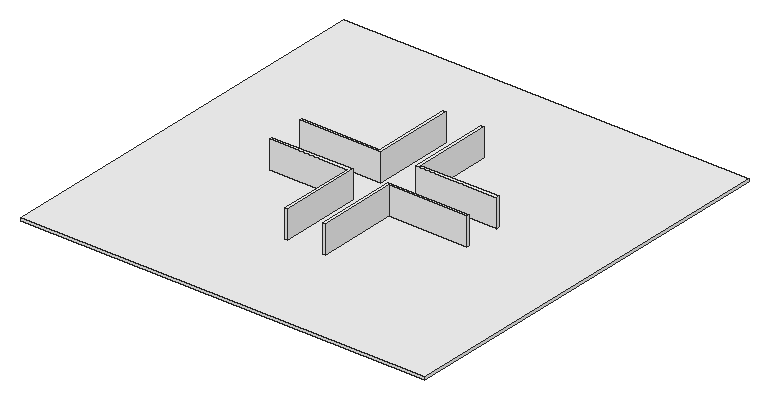
Revit family "Plastic-Components_Ultra-Trac-Intersection_Cross-Intersection", category Generic Models, Revit 2026
Family settings
  Can host rebar = No
  Round Connector Dimension = Use Diameter
  Part Type = Normal
  Work Plane-Based = Yes
  Always vertical = No
  Cut with Voids When Loaded = No
  Maintain Annotation Orientation = No
  Shared = No
  Room Calculation Point = No
Parameters
  offset [instance] = 0' - 0"
  Warranty Duration (Years) = 0
  Unit Depth = 0' - 0 3/4"
  URL = "www.plasticcomponents.com"
  Test Data = "http://www.plasticomponents.com/technical_data.asp"
  Specification = "http://www.arcat.com/sd/clients95/plasticc.html?coid=34825"
  SpecWizard = ""
  Send Message = ""
  Sales Information = "http://www.plasticomponents.com/contact_us.asp"
  Revision = "R1_11-2014"
  Product Properties = "http://www.plasticomponents.com/categories.asp?CatId=6"
  Product Data = "http://www.arcat.com/arcatcos/cos9534/arc34825.html?pids=153080%20122952%202617%20148805%2012"
  Opening Width = 0' - 1"
  Model = ""
  Material = Plastic Components - PVC
  Manufacturer Website = "www.plasticcomponents.com"
  Manufacturer Phone - Toll Free = "800-327-7077"
  Manufacturer Phone = "305-885-0561"
  Manufacturer Fax = "305-887-2452"
  Manufacturer Email = "sales@plasticomponents.com"
  Manufacturer Address = "9051 N.W. 97th Ter. Miami, FL 33178"
  Manufacturer = "Plastic Components, Inc."
  Maintenance Schedule (Months) = 0
  Keynote = "09 22 36"
  Installation-Fabrication = "http://www.plasticomponents.com/installation_instructions.asp"
  Installation Phase = "Stucco Underlayment"
  Green Building-LEED = "http://www.arcat.com/green/clients95/leed_data_34825.html"
  Expected Lifespan (Years) = 0
  Drawn By = "Sumex Design, Inc."
  Description = ""
  Default Elevation = 4' - 0"
  Copyright = "2014 ARCAT, Inc."
  Construction Details = "http://www.arcat.com/details/plasticc/95plasticc.html?coid=34825"
  Company_ID = 34825
  Building Codes = ""
  Assembly Code = "C3020800"
Reference planes (in)
  plane 1 "Center (Front/Back)": y = 0
  plane 2: z = 0
  plane 3 "Center (Left/Right)": x = 0
  plane 4: x = 5
  plane 5: y = 5
  plane 6: x = 10
  plane 7: y = 10
  plane 8: z = 0.75
  plane 9: x = 2.5625
  plane 10: x = 7.4375
Forms (in)
  Sweep 1, solid, material "Plastic Components - PVC" <- "Material"
    path origin (0, 0, 0) x (1, 0, 0) y (0, 1, 0)
      loop
        line (0, 0) -> (0, 10)
    profile origin (0, 5, 0) x (-1, 0, 0) y (0, 0, 1)
      loop
        line (0, 0) -> (0, 0.0625) -> (-10, 0.0625) -> (-10, 0) -> (0, 0)
  Extrusion 2, solid, material "Plastic Components - PVC" <- "Material"
    sketch origin (0, 0, 0) x (1, 0, 0) y (0, 1, 0)
      loop
        line (2.5625, 5.5) -> (2.5625, 5.4375) -> (4.5625, 5.4375) -> (4.5625, 7.4375) -> (4.5, 7.4375) -> (4.5, 5.5) -> (2.5625, 5.5)
      loop
        line (7.4375, 5.5) -> (5.5, 5.5) -> (5.5, 7.4375) -> (5.4375, 7.4375) -> (5.4375, 5.4375) -> (7.4375, 5.4375) -> (7.4375, 5.5)
      loop
        line (2.5625, 4.5) -> (4.5, 4.5) -> (4.5, 2.5625) -> (4.5625, 2.5625) -> (4.5625, 4.5625) -> (2.5625, 4.5625) -> (2.5625, 4.5)
      loop
        line (7.4375, 4.5) -> (7.4375, 4.5625) -> (5.4375, 4.5625) -> (5.4375, 2.5625) -> (5.5, 2.5625) -> (5.5, 4.5) -> (7.4375, 4.5)
    from 0.0625 to 0.75
Cuts and joins
  joined: Sweep 1, Extrusion 2
Dimensions and locks (in)
  equal spacing: plane 3 "Center (Left/Right)", plane 4, plane 6
  equal spacing: plane 7, plane 5, plane 1 "Center (Front/Back)"
  "Unit Depth": plane 8 to plane 2
  equal spacing: cut or joined group of Sweep 1, Extrusion 2, plane 4, cut or joined group of Sweep 1, Extrusion 2  (x2)
  equal spacing: cut or joined group of Sweep 1, Extrusion 2, plane 5, cut or joined group of Sweep 1, Extrusion 2  (x2)
  "Opening Width": cut or joined group of Sweep 1, Extrusion 2 to cut or joined group of Sweep 1, Extrusion 2  (x4)
  cut or joined group of Sweep 1, Extrusion 2 to cut or joined group of Sweep 1, Extrusion 2 = 0' - 2"
  locked: plane 9 to plane 4 at 2.4375
  locked: plane 4 to plane 10 at 2.4375
  aligned and locked: plane 6 to Sweep 1
  aligned and locked: plane 7 to Sweep 1
  aligned and locked: plane 8 to Extrusion 2
  aligned and locked: plane 9 to cut or joined group of Sweep 1, Extrusion 2  (x2)
  aligned and locked: plane 10 to cut or joined group of Sweep 1, Extrusion 2  (x2)
Automatic sketch dimensions
  Sweep 1 sketch curve to plane 3 "Center (Left/Right)" = 0' - 0"
  plane 1 "Center (Front/Back)" to Sweep 1 sketch curve = 0' - 0"
  Sweep 1 sketch curve to plane 7 = 0' - 0"
  Sweep 1 sketch curve to level = 0' - 0"
  Sweep 1 sketch curve to profile plane = 0' - 0"
  level to Sweep 1 sketch curve = 0' - 0 1/16"
  profile plane to Sweep 1 sketch curve = 0' - 10"
  plane 5 to Extrusion 2 sketch curve = 0' - 0 1/2"
  Extrusion 2 sketch curve to plane 4 = 0' - 2 7/16"
  Extrusion 2 sketch curve to Extrusion 2 sketch curve = 0' - 0"  (x4)
  Extrusion 2 sketch curve to plane 4 = 0' - 0 1/2"  (x2)
  Extrusion 2 sketch curve to Extrusion 2 sketch curve = 0' - 0 1/16"  (x8)
  plane 4 to Extrusion 2 sketch curve = 0' - 0 7/16"  (x2)
  Extrusion 2 sketch curve to plane 5 = 0' - 0 1/2"  (x2)
  Extrusion 2 sketch curve to Extrusion 2 sketch curve = 0' - 1 15/16"  (x3)
  plane 5 to Extrusion 2 sketch curve = 0' - 0 7/16"
